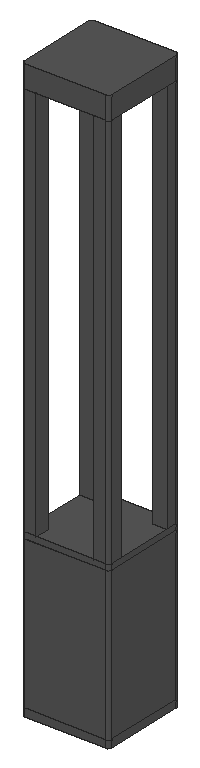
Revit family "PILLER SQUARE LED BOLLARD", category Lighting Fixtures, host Face, Revit 2020
Family settings
  Host = Face
  Round Connector Dimension = Use Diameter
  Part Type = Normal
  Cut with Voids When Loaded = No
  Light Source = Yes
  Shared = No
  Room Calculation Point = No
Parameters (values of type "PSBD40H-SP-SW1-BK(18W,4000K)")
  Wattage Comments = "10W/14W/18W"  # constant formula
  Wattage = 6.05889 W
  WATTS = 18 W
  built-in parameter 1150110 = 1 (stored number, unit not read)
  Voltage Comments = "120-277 V"  # constant formula
  Voltage = 277 V
  URL = "https://www.abovealllighting.com/search/index.html?keys=PILLAR%20SQUARE%20LED%20BOLLARD"
  Type Comments = "PILLAR SQUARE LED BOLLARD"  # constant formula
  built-in parameter 1114217 = 1 (stored number, unit not read)
  Tilt Angle = -90.00°
  built-in parameter 1150109 = 1 (stored number, unit not read)
  built-in parameter 1150134 = 12
  built-in parameter 1150113 = 1 (stored number, unit not read)
  Photometric Web File = "PSBD40H-SP-SW1-BK(18W,4000K)_IESNA2002.IES"
  Order number = "17458"  # constant formula
  Model = "PSBD40H-SP-SW1-BK"
  Manufacturer = "Above All Lighting"  # constant formula
  built-in parameter 1150105 = 71.62 (stored number, unit not read)
  Lumens = 900 lm
  built-in parameter 1150115 = 1 (stored number, unit not read)
  Light lenght frm base = 3' - 3 95/256"
  built-in parameter 1150137 = (empty or 0)
  built-in parameter 1150139 = (empty or 0)
  built-in parameter 1150112 = 1 (stored number, unit not read)
  built-in parameter 1150114 = 1 (stored number, unit not read)
  built-in parameter 1150132 = 2
  built-in parameter 1150102 = (empty or 0)
  built-in parameter 1150107 = 4000 (stored number, unit not read)
  built-in parameter 1150138 = (empty or 0)
  built-in parameter 1150106 = 0.7162 (stored number, unit not read)
  IP Rating = "65"  # constant formula
  Fixture Width = 0' - 5.90551"
  Fixture Length = Fixture Width  # 0' - 5.90551"
  Finish/Color = Black
  built-in parameter 1150104 = 13.8 (stored number, unit not read)
  Dimming Lamp Color Temperature Shift = <None>
  Description = "The Pillar square led bollard has UV powder coated die cast high quality aluminum body moulded silicone \r\ngasket and stainless steel screws. Wattage and CCT Selectable.This bollard is an excellent choice for \r\nwalkways, entrances, promenades, plazas, courtyards, driveways, bridges, and landscaped areas."  # constant formula
  Default Elevation = 4' - 0"
  Color Filter = 16777215
  CRI = "80"  # constant formula
  built-in parameter 1114218 = 1 (stored number, unit not read)
  Average life based on 104F(HRS) = "50000"  # constant formula
  built-in parameter 1150133 = 10 (stored number, unit not read)
  Apparent Load = 22.5 VA
Types (4): name | WATTS | Photometric Web File | built-in parameter 1150105 | built-in parameter 1150106 | Apparent Load
  (no name) | 18 W | "PSBD40H-SP-SW1-BK(18W,4000K)_IESNA2002.IES" | 71.62 (stored number, unit not read) | 0.7162 (stored number, unit not read) | 22.5 VA
  PSBD40H-SP-SW1-BK(10W,4000K) | 10 W | "PSBD40H-SP-SW1-BK(10W,4000K)_IESNA2002.IES" | 726.4 (stored number, unit not read) | 7.264 (stored number, unit not read) | 12.5 VA
  PSBD40H-SP-SW1-BK(14W,4000K) | 14 W | "PSBD40H-SP-SW1-BK(14W,4000K)_IESNA2002.IES" | 718.53 (stored number, unit not read) | 7.1853 (stored number, unit not read) | 17.5 VA
  PSBD40H-SP-SW1-BK(18W,4000K) | 18 W | "PSBD40H-SP-SW1-BK(18W,4000K)_IESNA2002.IES" | 71.62 (stored number, unit not read) | 0.7162 (stored number, unit not read) | 22.5 VA
Reference planes (in)
  plane 1 "Center (Front/Back)": y = 0
  plane 2: z = 0
  plane 3 "Center (Left/Right)": x = 0
  plane 4: z = 39.37109
  plane 5: y = 2.95276
  plane 6: y = -2.95276
  plane 7: x = -2.95276
  plane 8: x = 2.95276
  plane 9: z = 14.5
Dimensions and locks (in)
  "Light lenght frm base": plane 4 to plane 2
  equal spacing: plane 7, plane 3 "Center (Left/Right)", plane 8
  "Fixture Width": plane 7 to plane 8
  equal spacing: plane 5, plane 1 "Center (Front/Back)", plane 6
  "Fixture Length": plane 5 to plane 6
  locked: plane 9 to plane 2 at 14.5
  aligned and locked: plane 2 to host face
  aligned and locked: level to host face
  aligned and locked: nested 1 to plane 2
  aligned and locked: plane 9 to imposter light
  aligned and locked: plane 3 "Center (Left/Right)" to imposter light
  aligned and locked: plane 3 "Center (Left/Right)" to nested 1
Automatic sketch dimensions
  host sketch curve to host sketch curve = 8' - 0"  (x2)
Nested families (in)
  nested 1: "PILLAR NEST FAMILY" at (0, 0, 0), Light lenght frm base <- "Light lenght frm base", Body Material <- "Finish/Color", A <- "Fixture Width", type "PILLAR NEST FAMILY"
    with Light lenght frm base 3' - 3 95/256", Body Material Black
Connectors (in)
  electrical at (0, 0, 0), driven by "Voltage", driven by "Apparent Load"
    settings: on host face, index 1, voltage 277 V, apparent load 22.5 VA, apparent load phase1 0 VA, apparent load phase2 0 VA, apparent load phase3 0 VA, power factor 1, load classification "Lighting", number of poles 1, system type 30, power factor state 1, is connector primary yes, connector utility no, sub classification motor no, connector description ""
Definition of nested family "PILLAR NEST FAMILY"
  Parameters (values of type "PILLAR NEST FAMILY")
    Light lenght frm base [instance] = 3' - 3.37008"
    Default Elevation = 0' - 0"
    Body Material [instance] = none
    A [instance] = 0' - 5.90551"
  Reference planes (in)
    plane 1 "Center (Front/Back)": y = 0
    plane 2: z = 0
    plane 3 "Center (Left/Right)": x = 0
    plane 4: z = 39.37008
    plane 5: z = 10.73622
    plane 6: z = 37.87008
    plane 7: z = 0.5
    plane 8: x = -2.95276
    plane 9: x = 2.95276
    plane 10: y = -2.95276
    plane 11: y = 2.95276
    plane 12: z = 11.10565
  Forms (in)
    Extrusion 1, solid, material <- "Body Material"
      sketch origin (0, 0, 0) x (1, 0, 0) y (0, 1, 0)
        loop
          arc (-2.70276, 2.95276) -> (-2.87953, 2.87953) -> (-2.95276, 2.70276) r 0.25
          line (-2.95276, 2.70276) -> (-2.95276, -2.70276)
          arc (-2.95276, -2.70276) -> (-2.87953, -2.87953) -> (-2.70276, -2.95276) r 0.25
          line (-2.70276, -2.95276) -> (2.70276, -2.95276)
          arc (2.70276, -2.95276) -> (2.87953, -2.87953) -> (2.95276, -2.70276) r 0.25
          line (2.95276, -2.70276) -> (2.95276, 2.70276)
          arc (2.95276, 2.70276) -> (2.87953, 2.87953) -> (2.70276, 2.95276) r 0.25
          line (2.70276, 2.95276) -> (-2.70276, 2.95276)
      from 0 to 0.5
    Extrusion 2, solid, material <- "Body Material"
      sketch origin (0, 0, 0) x (1, 0, 0) y (0, 1, 0)
        loop
          line (2.70276, 2.95276) -> (-2.70276, 2.95276)
          arc (-2.70276, 2.95276) -> (-2.87953, 2.87953) -> (-2.95276, 2.70276) r 0.25
          line (-2.95276, 2.70276) -> (-2.95276, -2.70276)
          arc (-2.95276, -2.70276) -> (-2.87953, -2.87953) -> (-2.70276, -2.95276) r 0.25
          line (-2.70276, -2.95276) -> (2.70276, -2.95276)
          arc (2.70276, -2.95276) -> (2.87953, -2.87953) -> (2.95276, -2.70276) r 0.25
          line (2.95276, -2.70276) -> (2.95276, 2.70276)
          arc (2.95276, 2.70276) -> (2.87953, 2.87953) -> (2.70276, 2.95276) r 0.25
      from 0.5 to 10.73622
    Extrusion 3, solid, material <- "Body Material"
      sketch origin (0, 0, 0) x (1, 0, 0) y (0, 1, 0)
        loop
          line (2.70276, 2.95276) -> (-2.70276, 2.95276)
          arc (-2.70276, 2.95276) -> (-2.87953, 2.87953) -> (-2.95276, 2.70276) r 0.25
          line (-2.95276, 2.70276) -> (-2.95276, -2.70276)
          arc (-2.95276, -2.70276) -> (-2.87953, -2.87953) -> (-2.70276, -2.95276) r 0.25
          line (-2.70276, -2.95276) -> (2.70276, -2.95276)
          arc (2.70276, -2.95276) -> (2.87953, -2.87953) -> (2.95276, -2.70276) r 0.25
          line (2.95276, -2.70276) -> (2.95276, 2.70276)
          arc (2.95276, 2.70276) -> (2.87953, 2.87953) -> (2.70276, 2.95276) r 0.25
      from 10.73622 to 11.10565
    Extrusion 4, solid, material <- "Body Material"
      sketch origin (0, 0, 0) x (1, 0, 0) y (0, 1, 0)
        loop
          arc (-2.70276, 2.95276) -> (-2.87953, 2.87953) -> (-2.95276, 2.70276) r 0.25
          line (-2.95276, 2.70276) -> (-2.95276, 1.95276) -> (-1.95276, 1.95276) -> (-1.95276, 2.95276) -> (-2.70276, 2.95276)
        loop
          line (2.70276, 2.95276) -> (1.95276, 2.95276) -> (1.95276, 1.95276) -> (2.95276, 1.95276) -> (2.95276, 2.70276)
          arc (2.95276, 2.70276) -> (2.87953, 2.87953) -> (2.70276, 2.95276) r 0.25
        loop
          line (-2.70276, -2.95276) -> (-1.95276, -2.95276) -> (-1.95276, -1.95276) -> (-2.95276, -1.95276) -> (-2.95276, -2.70276)
          arc (-2.95276, -2.70276) -> (-2.87953, -2.87953) -> (-2.70276, -2.95276) r 0.25
        loop
          arc (2.70276, -2.95276) -> (2.87953, -2.87953) -> (2.95276, -2.70276) r 0.25
          line (2.95276, -2.70276) -> (2.95276, -1.95276) -> (1.95276, -1.95276) -> (1.95276, -2.95276) -> (2.70276, -2.95276)
      from 11.10565 to 37.87008
    Extrusion 5, solid, material <- "Body Material"
      sketch origin (0, 0, 0) x (1, 0, 0) y (0, 1, 0)
        loop
          line (-2.70276, -2.95276) -> (2.70276, -2.95276)
          arc (2.70276, -2.95276) -> (2.87953, -2.87953) -> (2.95276, -2.70276) r 0.25
          line (2.95276, -2.70276) -> (2.95276, 2.70276)
          arc (2.95276, 2.70276) -> (2.87953, 2.87953) -> (2.70276, 2.95276) r 0.25
          line (2.70276, 2.95276) -> (-2.70276, 2.95276)
          arc (-2.70276, 2.95276) -> (-2.87953, 2.87953) -> (-2.95276, 2.70276) r 0.25
          line (-2.95276, 2.70276) -> (-2.95276, -2.70276)
          arc (-2.95276, -2.70276) -> (-2.87953, -2.87953) -> (-2.70276, -2.95276) r 0.25
      from 37.87008 to 39.37008
  Dimensions and locks (in)
    "Light lenght frm base": plane 4 to plane 2
    locked: plane 4 to plane 6 at 1.5
    locked: plane 7 to plane 2 at 0.5
    locked: plane 5 to plane 7 at 10.23622
    equal spacing: plane 11, plane 1 "Center (Front/Back)", plane 10
    equal spacing: plane 8, plane 3 "Center (Left/Right)", plane 9
    "A": plane 8 to plane 9
    "A": plane 11 to plane 10
    locked: plane 12 to plane 5 at 0.36943
    locked: Extrusion 4 sketch curve to Extrusion 4 sketch curve at 1  (x8)
    plane 3 "Center (Left/Right)" to Extrusion 5 = 0' - 2.95276"
    aligned and locked: plane 2 to level
    aligned and locked: plane 8 to Extrusion 1 sketch curve
    aligned and locked: plane 10 to Extrusion 1 sketch curve
    aligned and locked: Extrusion 1 sketch curve to plane 9
    aligned and locked: plane 7 to Extrusion 1
    aligned and locked: Extrusion 1 to level
    aligned and locked: plane 11 to Extrusion 2 sketch curve
    aligned and locked: plane 9 to Extrusion 2 sketch curve
    aligned and locked: Extrusion 2 sketch curve to plane 10
    aligned and locked: Extrusion 2 sketch curve to plane 8
    aligned and locked: Extrusion 2 to plane 7
    aligned and locked: plane 5 to Extrusion 2
    aligned and locked: plane 11 to Extrusion 3 sketch curve
    aligned and locked: plane 9 to Extrusion 3 sketch curve
    aligned and locked: Extrusion 3 sketch curve to plane 10
    aligned and locked: Extrusion 3 sketch curve to plane 8
    aligned and locked: Extrusion 3 to plane 5
    aligned and locked: plane 12 to Extrusion 3
    aligned and locked: plane 11 to Extrusion 4 sketch curve
    aligned and locked: Extrusion 4 sketch curve to plane 11
    aligned and locked: plane 10 to Extrusion 4 sketch curve
    aligned and locked: Extrusion 4 sketch curve to plane 10
    aligned and locked: Extrusion 4 sketch curve to plane 9
    aligned and locked: plane 9 to Extrusion 4 sketch curve
    aligned and locked: plane 8 to Extrusion 4 sketch curve
    aligned and locked: Extrusion 4 sketch curve to plane 8
    aligned and locked: plane 6 to Extrusion 4
    aligned and locked: Extrusion 4 to plane 12
    aligned and locked: plane 11 to Extrusion 5 sketch curve
    aligned and locked: plane 9 to Extrusion 5 sketch curve
    aligned and locked: Extrusion 5 sketch curve to plane 10
    aligned and locked: Extrusion 5 sketch curve to plane 8
    aligned and locked: plane 4 to Extrusion 5
    aligned and locked: Extrusion 5 to plane 6
  Automatic sketch dimensions
    Extrusion 1 sketch curve to plane 11 = 0' - 0"
    plane 8 to Extrusion 1 sketch curve = 0' - 0 1/4"
    Extrusion 1 sketch curve to Extrusion 1 sketch curve = 0' - 0 1/4"  (x2)
    Extrusion 1 sketch curve to plane 9 = 0' - 0 1/4"
    plane 8 to Extrusion 2 sketch curve = 0' - 0 1/4"
    Extrusion 2 sketch curve to Extrusion 2 sketch curve = 0' - 0 1/4"  (x2)
    Extrusion 2 sketch curve to plane 9 = 0' - 0 1/4"
    Extrusion 3 sketch curve to Extrusion 3 sketch curve = 0' - 0 1/4"
    plane 10 to Extrusion 3 sketch curve = 0' - 0 1/4"
    Extrusion 3 sketch curve to plane 9 = 0' - 0 1/4"
    Extrusion 3 sketch curve to plane 11 = 0' - 0 1/4"
    Extrusion 4 sketch curve to Extrusion 4 sketch curve = 0' - 0 1/4"  (x2)
    Extrusion 4 sketch curve to plane 9 = 0' - 0 1/4"  (x2)
    Extrusion 5 sketch curve to Extrusion 5 sketch curve = 0' - 0 1/4"
    plane 8 to Extrusion 5 sketch curve = 0' - 0 1/4"
    Extrusion 5 sketch curve to plane 9 = 0' - 0 1/4"
    plane 10 to Extrusion 5 sketch curve = 0' - 0 1/4"
